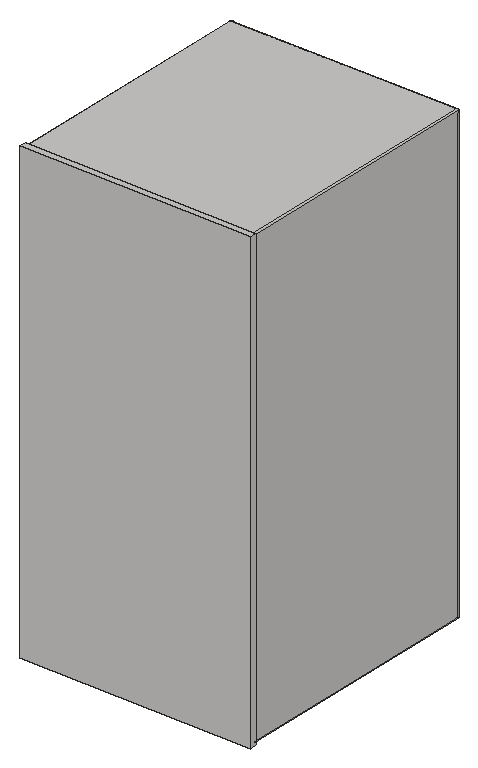
Revit family "HVAC_Other_Enertech_CTC_EL-42", category Specialty Equipment, Revit 2018
Family settings
  Round Connector Dimension = Use Diameter
  Part Type = Normal
  OmniClass Number = 23.75.00.00
  OmniClass Title = Climate Control (HVAC)
  Work Plane-Based = No
  Always vertical = No
  Cut with Voids When Loaded = No
  Shared = No
  Room Calculation Point = No
Parameters (values of type "CTC EL 42 400V3N")
  Weight = "33 kg"
  WaterVolumeWaterSuply = "N/A"
  WaterVolumeHeathingSystem = "10 liters"
  WarrantyStartDate [instance] = "n/a"
  WarrantyGuarantorParts = "n/a"
  WarrantyGuarantorLabor = "n/a"
  WarrantyDurationUnit = "Year"
  WarrantyDurationParts = "n/a"
  WarrantyDurationLabor = "n/a"
  WarrantyDescription = "n/a"
  VersionDate = "24/05/2022"  # constant formula
  Version = "1"  # constant formula
  UsageCurrent = 0 A
  Uniclass2015Reference = "Pr_40_70_65"
  Uniclass2015Description = "Preparation catering equipment"
  Uniclass2 = "Pr_40_70_65"
  URL = "https://ctc-heating.com/products/electric-heating"
  UNSPSCCode = "40102003"
  Type Comments = ""
  Touchscreen = "No"
  TagNumber [instance] = "n/a"
  SustainabilityPerformance = "n/a"
  Status = "n/a"
  SpecifiedOutput = "N/A"
  SoundPowerLWA = "35 dB(A)"
  Sound pressureLPA 5m = "N/A"
  Sound pressureLPA 1m = "N/A"
  Sound pressureLPA 10m = "N/A"
  Size = "402x354x712 mm"
  Shape = "Rectangular"
  SerialNumber [instance] = "7211 xxxx xxxx"
  SEERWarm = "N/A"
  SEERModerate = "N/A"
  SEERCold = "N/A"
  SCOPWarm = "N/A"
  SCOPModerate = "N/A"
  SCOPCold = "N/A"
  Revision = "n/a"  # constant formula
  ReplacementCost = "n/a"
  RefrigerantType = "N/A"
  RefrigerantQuantity = "N/A"
  ReferenceAirFlowRate = "N/A"
  Reference = "n/a"
  RatedVoltage = 1200 V
  RatedHeatOutputModerate = "N/A"
  RatedCurrent = 60.62 A
  PumpSecondaryMaterial = Brass
  PumpMainMaterial = Stainless Steel
  ProductInformation = "A compact and easy-to-install electric flow heater with seven power stages: from 6 kW to 42 kW. Often used as additional heat in heat pump systems"
  Product data url = ""
  PowerFactor = 0 W
  PhaseReference = "n/a"
  PhaseAngle = 0.00°
  OutputRangeIimmersionHeater = "6-42 kW"
  OutputRange = "N/A"
  NominalWidth = 353.5 mm
  NominalVoltage = 400 V
  NominalHeight = 711.75 mm
  NominalFrequencyRange = 50 Hz
  NominalDepth = 402.25 mm
  NominalCurrent = 0 A
  Name = "CTC_EL-42"  # constant formula
  NBSReference = "90-40-40/320"
  NBSDescription = "Air to water heat pumps"
  ModelReference = "n/a"
  ModelNumber = "589843001"
  MinimumCeilingHeight = "N/A"
  MaxStartingCurrent = "N/A"
  MaxOperatingPressureThermalStore = "7 bar"
  MaxOperatingPressureHotWater = "N/A"
  MaxAirFlowRate = "N/A"
  Material = "Steel"
  ManufacturerURL = "https://ctc.se/"
  ManufacturerName = "Enertech AB"
  Model = "CTC EL 42"
  ManufacturerCountry = "Sweden"
  Manufacturer = "Enertech AB"
  InsulationStandardClass = "n/a"
  InstallationDate [instance] = "n/a"
  InPutPower = "N/A"
  IfcExportType = "HEATER"  # constant formula
  IfcExportAs = "IfcElectricalDeviceCommon"  # constant formula
  IP_Code = "IP21"
  HotTapWaterPerformance = "N/A"
  HasProtectiveEarth = yes
  GroupFuse = "63 A"
  Grade = "n/a"
  Finish = "n/a"
  Features = "n/a"
  ExpectedLife = "n/a"
  EnergyClass_HotWater_TapProfile = "A/XL"
  EnergyClass_HotWater = "N/A"
  EnergyClassHeatingWithControl = "N/A"
  ElectricalDeviceNominalPower = 42000 W
  EANNumber = "7333077098360"
  DurationUnit = "Year"
  Description = "A compact and easy-to-install electric flow heater with seven power stages: from 6 kW to 42 kW. Often used as additional heat in heat pump systems"
  Cost = 0
  Constituents = "n/a"
  ConductorFunction = "n/a"
  Color = "white"
  CodePerformance = "n/a"
  Capacity = "N/A"
  COP = "N/A"
  CO2Equivalent = "N/A"
  BrineSystem_Min_MaxPressure = "N/A"
  Barcode [instance] = "n/a"
  AssetIdentifier [instance] = "n/a"
  Category = "electrical heating"
  Brand = "CTC"
  BIMObjectName = "HVAC_Other_Enertech_CTC_EL-42"  # constant formula
  Author = "BIMStone"  # constant formula
  AssetType = "Fixed"
  Artikel nr. = ""
  AirFlow = "N/A"
  Accessories = ""
  AccessibilityPerformance = "n/a"
Reference planes
  plane 1 "Center (Front/Back)": y = 0
  plane 2: z = 0
  plane 3 "Center (Left/Right)": x = 0
  plane 4: z = 711.75
  plane 5: y = 201.125
  plane 6: y = -201.125
  plane 7: x = -176.75
  plane 8: x = 176.75
Dimensions and locks
  "NominalHeight": plane 4 to level
  equal spacing: plane 5, plane 1 "Center (Front/Back)", plane 6
  "NominalDepth": plane 5 to plane 6
  equal spacing: plane 7, plane 3 "Center (Left/Right)", plane 8
  "NominalWidth": plane 7 to plane 8
  aligned and locked: level to plane 2
Nested families
  nested 1: "EL-42" at (0, 0, 0), Body <- "PumpMainMaterial", Connections <- "PumpSecondaryMaterial", Detail <- "PumpMainMaterial", type "EL-42"
    with Detail Stainless Steel, Connections Brass, Body Stainless Steel
Connectors
  electrical at (0, 0.825, 4.75), driven by "NominalVoltage"
    settings: on nested 1, index 1, voltage 400 V, apparent load 0 VA, apparent load phase1 0 VA, apparent load phase2 0 VA, apparent load phase3 0 VA, power factor 1, load classification "Other", number of poles 1, system type 31, power factor state 1, is connector primary yes, connector utility no, sub classification motor no, connector description ""
Definition of nested family "EL-42"
  Parameters (values of type "EL-42")
    Detail [instance] = none
    Connections [instance] = none
    Body [instance] = none
  Reference planes
    plane 1 "Center (Front/Back)": y = 0
    plane 2: z = 0
    plane 3 "Center (Left/Right)": x = 0
    plane 4: y = -201.125
    plane 5: z = 711.75
    plane 6: x = -176.75
    plane 7: y = 201.125
    plane 8: x = 176.75
  Forms (mm)
    Extrusion 1, solid, material <- "Body", detail levels medium+fine
      sketch origin (0, 0, 0) x (1, 0, 0) y (0, 1, 0)
        loop
          line (-175, 201.125) -> (-175, -198.87) -> (175, -198.87) -> (175, 201.125) -> (-175, 201.125)
      from 10 to 710
    Extrusion 2, solid, material <- "Body", detail levels medium+fine
      sketch origin (0, 0, 0) x (1, 0, 0) y (0, 0, 1)
        loop
          line (176.75, 711.75) -> (-176.75, 711.75) -> (-176.75, 8.25) -> (176.75, 8.25) -> (176.75, 711.75)
      from 191.125 to 201.125
    Extrusion 3, solid, material <- "Body", detail levels coarse
      sketch origin (0, 0, 0) x (1, 0, 0) y (0, 1, 0)
        loop
          line (-176.75, 201.125) -> (-176.75, -201.125) -> (176.75, -201.125) -> (176.75, 201.125) -> (-176.75, 201.125)
      from 0 to 711.75
    Extrusion 4, solid, material <- "Connections", detail levels medium+fine
      sketch origin (-0.988, 78.625, 653.75) x (1, 0, 0) y (0, 0, 1)
        loop
          line (-16.332, -474.75) -> (18.309, -474.75) -> (35.629, -444.75) -> (18.309, -414.75) -> (-16.332, -414.75) -> (-33.653, -444.75) -> (-16.332, -474.75)
        loop
          circle (0.988, -444.75) r 22
        loop
          line (-16.332, -124.75) -> (18.309, -124.75) -> (35.629, -94.75) -> (18.309, -64.75) -> (-16.332, -64.75) -> (-33.653, -94.75) -> (-16.332, -124.75)
        loop
          circle (0.988, -94.75) r 22
      from -122.5 to -130
    Revolve 5, solid, material <- "Connections", detail levels medium+fine
      sketch origin (0, 202.076, 85) x (1, 0, 0) y (0, 1, 0)
        loop
          line (77, 34.649) -> (77, 16.049) -> (78.9, 16.049) -> (78.9, 6.049) -> (77, 6.049) -> (77, -0.951) -> (90.664, -0.951) -> (90.664, 41.049) -> (83.4, 41.049)
          arc (83.4, 41.049) -> (78.875, 39.174) -> (77, 34.649) r 6.4
        axis (100, -0.951) -> (100, 41.049)
      angle from 0 to 360
    Revolve 6, solid, material <- "Connections", detail levels medium+fine
      sketch origin (100, 205.875, 155.115) x (0, 0, -1) y (0, 1, 0)
        loop
          line (6.615, 7.85) -> (8.061, 7.85) -> (8.061, 0.838) -> (6.615, 0.838) -> (6.615, -4.75) -> (13.349, -4.75) -> (13.349, 23.25) -> (10.987, 23.25)
          arc (10.987, 23.25) -> (7.895, 21.97) -> (6.615, 18.878) r 4.372
          line (6.615, 18.878) -> (6.615, 7.85)
        axis (20.115, -4.75) -> (20.115, 23.25)
      angle from 0 to 360
    Revolve 7, solid, material <- "Connections", detail levels medium+fine
      sketch origin (0, 78.625, 653.75) x (0, -1, 0) y (0, 0, 1)
        loop
          line (-122.5, -464.398) -> (-164.5, -464.398) -> (-164.5, -467.853) -> (-163.5, -468.853) -> (-122.5, -468.853) -> (-122.5, -464.398)
        axis (-122.5, -444.75) -> (-164.5, -444.75)
      angle from 0 to 360
    Revolve 8, solid, material <- "Connections", detail levels medium+fine
      sketch origin (0, 78.625, 1003.75) x (0, -1, 0) y (0, 0, 1)
        loop
          line (-122.5, -464.398) -> (-164.5, -464.398) -> (-164.5, -467.853) -> (-163.5, -468.853) -> (-122.5, -468.853) -> (-122.5, -464.398)
        axis (-122.5, -444.75) -> (-164.5, -444.75)
      angle from 0 to 360
    Revolve 9, solid, material <- "Detail", detail levels medium+fine
      sketch origin (-140, 0, 0) x (0, 1, 0) y (0, 0, 1)
        loop
          line (171.123, 10) -> (171.123, 0) -> (181.747, 0)
          arc (181.747, 0) -> (184.795, 1.719) -> (186.013, 5) r 5.092
          arc (186.013, 5) -> (187.493, 8.537) -> (191.037, 10) r 5.024
          line (191.037, 10) -> (171.123, 10)
        axis (171.123, 10) -> (171.123, 0)
      angle from 0 to 360
    Revolve 10, solid, material <- "Detail", detail levels medium+fine
      sketch origin (140, 0, 0) x (0, 1, 0) y (0, 0, -1)
        loop
          line (171.123, -10) -> (191.037, -10)
          arc (191.037, -10) -> (187.493, -8.537) -> (186.013, -5) r 5.024
          arc (186.013, -5) -> (184.795, -1.719) -> (181.747, 0) r 5.092
          line (181.747, 0) -> (171.123, 0) -> (171.123, -10)
        axis (171.123, -10) -> (171.123, 0)
      angle from 0 to 360
    Revolve 11, solid, material <- "Detail", detail levels medium+fine
      sketch origin (-140, 2.245, 0) x (0, -1, 0) y (0, 0, -1)
        loop
          line (171.123, -10) -> (191.037, -10)
          arc (191.037, -10) -> (187.493, -8.537) -> (186.013, -5) r 5.024
          arc (186.013, -5) -> (184.795, -1.719) -> (181.747, 0) r 5.092
          line (181.747, 0) -> (171.123, 0) -> (171.123, -10)
        axis (171.123, -10) -> (171.123, 0)
      angle from 0 to 360
    Revolve 12, solid, material <- "Detail", detail levels medium+fine
      sketch origin (140, 2.245, 0) x (0, -1, 0) y (0, 0, 1)
        loop
          line (171.123, 10) -> (171.123, 0) -> (181.747, 0)
          arc (181.747, 0) -> (184.795, 1.719) -> (186.013, 5) r 5.092
          arc (186.013, 5) -> (187.493, 8.537) -> (191.037, 10) r 5.024
          line (191.037, 10) -> (171.123, 10)
        axis (171.123, 10) -> (171.123, 0)
      angle from 0 to 360
    Sweep 13, void
      path in 3D
        loop
          line (175, -198.87, 710) -> (175, 201.125, 710) -> (-175, 201.125, 710) -> (-175, -198.87, 710)
      profile origin (0, 201.125, 710) x (0, -1, 0) y (0, 0, 1)
        loop
          line (0, 0) -> (0, -2)
          arc (0, -2) -> (0.586, -0.586) -> (2, 0) r 2
          line (2, 0) -> (0, 0)
        loop
          line (0, -700) -> (2, -700)
          arc (2, -700) -> (0.586, -699.414) -> (0, -698) r 2
          line (0, -698) -> (0, -700)
    Sweep 14, void
      path in 3D
        loop
          line (175, 201.125, 710) -> (175, 201.125, 10)
      profile origin (175, 201.125, 360) x (1, 0, 0) y (0, 1, 0)
        loop
          line (0, 0) -> (-2, 0)
          arc (-2, 0) -> (-0.586, -0.586) -> (0, -2) r 2
          line (0, -2) -> (0, 0)
        loop
          line (-350, 0) -> (-350, -2)
          arc (-350, -2) -> (-349.414, -0.586) -> (-348, 0) r 2
          line (-348, 0) -> (-350, 0)
  Cuts and joins
    Sweep 13, Sweep 14 cuts Extrusion 1
  Lines and regions (mm)
    symbolic lines, detail levels medium+fine
      curve 1: line (-176.75, -191.125, 0) -> (-175, -191.125, 0)
      curve 2: line (-176.75, -201.125, 0) -> (-176.75, -191.125, 0)
      curve 3: line (176.75, -201.125, 0) -> (-176.75, -201.125, 0)
      curve 4: line (176.75, -191.125, 0) -> (176.75, -201.125, 0)
      curve 5: line (-172.5, 201.125, 0) -> (-34.641, 201.125, 0)
      curve 6: line (175, 198.625, 0) -> (175, -191.125, 0)
      curve 8: line (175, -191.125, 0) -> (176.75, -191.125, 0)
      curve 9: line (-175, -191.125, 0) -> (-175, 198.625, 0)
      curve 10: arc (0, 229.125, 144.128) -> (0, 227.845, 147.22) -> (0, 224.753, 148.5) r 4.372
      curve 11: line (0, 224.753, 148.5) -> (0, 213.725, 148.5)
      curve 12: line (0, 213.725, 148.5) -> (0, 213.725, 147.054)
      curve 13: line (0, 213.725, 147.054) -> (0, 206.713, 147.054)
      curve 14: line (0, 206.713, 147.054) -> (0, 206.713, 148.5)
      curve 15: line (0, 206.713, 148.5) -> (0, 201.125, 148.5)
      curve 17: line (0, 229.125, 135) -> (0, 229.125, 144.128)
      curve 18: arc (0, 229.125, 125.872) -> (0, 227.845, 122.78) -> (0, 224.753, 121.5) r 4.372
      curve 19: line (0, 224.753, 121.5) -> (0, 213.725, 121.5)
      curve 20: line (0, 213.725, 121.5) -> (0, 213.725, 122.946)
      curve 21: line (0, 213.725, 122.946) -> (0, 206.713, 122.946)
      curve 22: line (0, 206.713, 122.946) -> (0, 206.713, 121.5)
      curve 23: line (0, 206.713, 121.5) -> (0, 201.125, 121.5)
      curve 25: line (0, 229.125, 135) -> (0, 229.125, 125.872)
      curve 26: line (0, 218.125, 62) -> (0, 236.725, 62)
      curve 27: arc (0, 236.725, 62) -> (0, 241.25, 63.875) -> (0, 243.125, 68.4) r 6.4
      curve 28: line (0, 243.125, 68.4) -> (0, 243.125, 85)
      curve 30: line (0, 201.125, 62) -> (0, 208.125, 62)
      curve 31: line (0, 208.125, 62) -> (0, 208.125, 63.9)
      curve 32: line (0, 208.125, 63.9) -> (0, 218.125, 63.9)
      curve 33: line (0, 218.125, 63.9) -> (0, 218.125, 62)
      curve 34: line (0, 218.125, 108) -> (0, 236.725, 108)
      curve 35: arc (0, 236.725, 108) -> (0, 241.25, 106.125) -> (0, 243.125, 101.6) r 6.4
      curve 36: line (0, 243.125, 101.6) -> (0, 243.125, 85)
      curve 38: line (0, 201.125, 108) -> (0, 208.125, 108)
      curve 39: line (0, 208.125, 108) -> (0, 208.125, 106.1)
      curve 40: line (0, 208.125, 106.1) -> (0, 218.125, 106.1)
      curve 41: line (0, 218.125, 106.1) -> (0, 218.125, 108)
      curve 46: line (0, 242.125, 184.897) -> (0, 208.625, 184.897)
      curve 47: line (0, 243.125, 209) -> (0, 243.125, 185.897)
      curve 48: line (0, 243.125, 185.897) -> (0, 242.125, 184.897)
      curve 49: line (0, 242.125, 233.103) -> (0, 208.625, 233.103)
      curve 50: line (0, 243.125, 209) -> (0, 243.125, 232.103)
      curve 51: line (0, 243.125, 232.103) -> (0, 242.125, 233.103)
      curve 52: line (0, 208.625, 239) -> (0, 201.125, 239)
      curve 53: line (0, 208.625, 179) -> (0, 208.625, 184.897)
      curve 54: line (0, 201.125, 179) -> (0, 208.625, 179)
      curve 56: line (0, 242.125, 534.897) -> (0, 208.625, 534.897)
      curve 57: line (0, 243.125, 559) -> (0, 243.125, 535.897)
      curve 58: line (0, 243.125, 535.897) -> (0, 242.125, 534.897)
      curve 59: line (0, 242.125, 583.103) -> (0, 208.625, 583.103)
      curve 60: line (0, 243.125, 559) -> (0, 243.125, 582.103)
      curve 61: line (0, 243.125, 582.103) -> (0, 242.125, 583.103)
      curve 62: line (0, 208.625, 589) -> (0, 201.125, 589)
      curve 63: line (0, 208.625, 529) -> (0, 208.625, 534.897)
      curve 64: line (0, 201.125, 529) -> (0, 208.625, 529)
      curve 66: line (0, 201.125, 12.5) -> (0, 201.125, 62)
      curve 67: line (0, 201.125, 108) -> (0, 201.125, 121.5)
      curve 68: line (0, 201.125, 148.5) -> (0, 201.125, 179)
      curve 69: line (0, 201.125, 239) -> (0, 201.125, 529)
      curve 70: line (0, 201.125, 589) -> (0, 201.125, 707.5)
      curve 71: line (0, 198.625, 710) -> (0, -191.127, 710)
      curve 72: arc (0, 198.625, 710) -> (0, 200.393, 709.268) -> (0, 201.125, 707.5) r 2.5
      curve 73: line (0, -191.127, 711.75) -> (0, -201.125, 711.75)
      curve 74: line (0, -191.127, 8.25) -> (0, -191.127, 10)
      curve 75: line (0, -201.125, 8.25) -> (0, -191.127, 8.25)
      curve 76: line (0, -201.125, 711.75) -> (0, -201.125, 8.25)
      curve 77: line (0, -191.127, 710) -> (0, -191.127, 711.75)
      curve 78: arc (0, 181.747, 0) -> (0, 184.795, 1.719) -> (0, 186.013, 5) r 5.092
      curve 79: arc (0, 186.013, 5) -> (0, 187.493, 8.537) -> (0, 191.037, 10) r 5.024
      curve 80: line (0, 171.123, 0) -> (0, 181.747, 0)
      curve 81: arc (0, -158.253, 0) -> (0, -155.205, 1.719) -> (0, -153.987, 5) r 5.092
      curve 82: arc (0, -153.987, 5) -> (0, -152.507, 8.537) -> (0, -148.963, 10) r 5.024
      curve 83: line (0, -168.877, 0) -> (0, -158.253, 0)
      curve 84: arc (0, -179.501, 0) -> (0, -182.55, 1.719) -> (0, -183.768, 5) r 5.092
      curve 85: arc (0, -183.768, 5) -> (0, -185.248, 8.537) -> (0, -188.792, 10) r 5.024
      curve 86: line (0, -168.877, 0) -> (0, -179.501, 0)
      curve 87: arc (0, 160.499, 0) -> (0, 157.451, 1.719) -> (0, 156.232, 5) r 5.092
      curve 88: arc (0, 156.232, 5) -> (0, 154.752, 8.537) -> (0, 151.208, 10) r 5.024
      curve 89: line (0, 171.123, 0) -> (0, 160.499, 0)
      curve 90: line (0, 191.037, 10) -> (0, 198.625, 10)
      curve 92: line (0, 151.208, 10) -> (0, -148.963, 10)
      curve 94: line (0, -188.792, 10) -> (0, -191.127, 10)
      curve 96: line (0, 208.625, 233.103) -> (0, 208.625, 239)
      curve 99: line (0, 208.625, 583.103) -> (0, 208.625, 589)
      curve 100: line (-176.75, 0, 711.75) -> (176.75, 0, 711.75)
      curve 101: line (-176.75, 0, 8.25) -> (-176.75, 0, 711.75)
      curve 102: line (176.75, 0, 8.25) -> (156.104, 0, 8.25)
      curve 103: line (176.75, 0, 711.75) -> (176.75, 0, 8.25)
      curve 104: arc (-150.624, 0, 0) -> (-153.672, 0, 1.719) -> (-154.891, 0, 5) r 5.092
      curve 105: arc (-154.891, 0, 5) -> (-155.208, 0, 6.733) -> (-156.104, 0, 8.25) r 5.024
      curve 106: line (-140, 0, 0) -> (-150.624, 0, 0)
      curve 107: arc (-129.376, 0, 0) -> (-126.328, 0, 1.719) -> (-125.109, 0, 5) r 5.092
      curve 108: arc (-125.109, 0, 5) -> (-124.792, 0, 6.733) -> (-123.896, 0, 8.25) r 5.024
      curve 109: line (-140, 0, 0) -> (-129.376, 0, 0)
      curve 110: arc (150.624, 0, 0) -> (153.672, 0, 1.719) -> (154.891, 0, 5) r 5.092
      curve 111: arc (154.891, 0, 5) -> (155.208, 0, 6.733) -> (156.104, 0, 8.25) r 5.024
      curve 112: line (140, 0, 0) -> (150.624, 0, 0)
      curve 113: arc (129.376, 0, 0) -> (126.328, 0, 1.719) -> (125.109, 0, 5) r 5.092
      curve 114: arc (125.109, 0, 5) -> (124.792, 0, 6.733) -> (123.896, 0, 8.25) r 5.024
      curve 115: line (140, 0, 0) -> (129.376, 0, 0)
      curve 117: line (-156.104, 0, 8.25) -> (-176.75, 0, 8.25)
      curve 118: line (123.896, 0, 8.25) -> (-123.896, 0, 8.25)
      curve 120: line (24.103, 208.625, 0) -> (24.103, 242.125, 0)
      curve 121: line (0, 243.125, 0) -> (23.103, 243.125, 0)
      curve 122: line (24.103, 242.125, 0) -> (23.103, 243.125, 0)
      curve 123: line (-34.641, 208.625, 0) -> (-24.103, 208.625, 0)
      curve 124: line (-34.641, 201.125, 0) -> (-34.641, 208.625, 0)
      curve 125: line (34.641, 208.625, 0) -> (34.641, 201.125, 0)
      curve 126: arc (83.4, 243.125, 0) -> (78.875, 241.25, 0) -> (77, 236.725, 0) r 6.4
      curve 127: line (77, 236.725, 0) -> (77, 218.125, 0)
      curve 128: line (77, 218.125, 0) -> (78.9, 218.125, 0)
      curve 129: line (78.9, 218.125, 0) -> (78.9, 208.125, 0)
      curve 130: line (78.9, 208.125, 0) -> (77, 208.125, 0)
      curve 131: line (77, 208.125, 0) -> (77, 201.125, 0)
      curve 138: line (83.4, 243.125, 0) -> (116.6, 243.125, 0)
      curve 139: arc (116.6, 243.125, 0) -> (121.125, 241.25, 0) -> (123, 236.725, 0) r 6.4
      curve 140: line (123, 236.725, 0) -> (123, 218.125, 0)
      curve 141: line (123, 218.125, 0) -> (121.1, 218.125, 0)
      curve 142: line (121.1, 218.125, 0) -> (121.1, 208.125, 0)
      curve 143: line (121.1, 208.125, 0) -> (123, 208.125, 0)
      curve 144: line (123, 208.125, 0) -> (123, 201.125, 0)
      curve 159: line (123, 201.125, 0) -> (172.5, 201.125, 0)
      curve 160: line (-24.103, 208.625, 0) -> (-24.103, 242.125, 0)
      curve 161: line (0, 243.125, 0) -> (-23.103, 243.125, 0)
      curve 162: line (-24.103, 242.125, 0) -> (-23.103, 243.125, 0)
      curve 164: line (24.103, 208.625, 0) -> (34.641, 208.625, 0)
      curve 166: line (34.641, 201.125, 0) -> (77, 201.125, 0)
      curve 167: arc (-172.5, 201.125, 0) -> (-174.268, 200.393, 0) -> (-175, 198.625, 0) r 2.5
      curve 168: arc (172.5, 201.125, 0) -> (174.268, 200.393, 0) -> (175, 198.625, 0) r 2.5
      curve 169: arc (0, 201.125, 12.5) -> (0, 200.393, 10.732) -> (0, 198.625, 10) r 2.5
    symbolic lines, detail levels fine
      curve 7: line (-175, -191.125, 0) -> (175, -191.125, 0)
      curve 16: line (0, 201.125, 148.5) -> (0, 201.125, 135)
      curve 24: line (0, 201.125, 121.5) -> (0, 201.125, 135)
      curve 29: line (0, 201.125, 85) -> (0, 201.125, 62)
      curve 37: line (0, 201.125, 85) -> (0, 201.125, 108)
      curve 42: line (0, 218.125, 106.1) -> (0, 218.125, 63.9)
      curve 43: line (0, 208.125, 63.9) -> (0, 208.125, 106.1)
      curve 44: line (0, 206.713, 122.946) -> (0, 206.713, 147.054)
      curve 45: line (0, 213.725, 147.054) -> (0, 213.725, 122.946)
      curve 55: line (0, 201.125, 239) -> (0, 201.125, 179)
      curve 65: line (0, 201.125, 589) -> (0, 201.125, 529)
      curve 91: line (0, 191.037, 10) -> (0, 151.208, 10)
      curve 93: line (0, -188.792, 10) -> (0, -148.963, 10)
      curve 95: line (0, -191.127, 10) -> (0, -191.127, 710)
      curve 97: line (0, 208.625, 184.897) -> (0, 208.625, 233.103)
      curve 98: line (0, 208.625, 534.897) -> (0, 208.625, 583.103)
      curve 116: line (-123.896, 0, 8.25) -> (-156.104, 0, 8.25)
      curve 119: line (156.104, 0, 8.25) -> (123.896, 0, 8.25)
      curve 132: arc (86.5, 224.753, 0) -> (87.78, 227.845, 0) -> (90.872, 229.125, 0) r 4.372
      curve 133: line (86.5, 201.125, 0) -> (86.5, 206.713, 0)
      curve 134: line (86.5, 206.713, 0) -> (87.946, 206.713, 0)
      curve 135: line (87.946, 206.713, 0) -> (87.946, 213.725, 0)
      curve 136: line (87.946, 213.725, 0) -> (86.5, 213.725, 0)
      curve 137: line (86.5, 213.725, 0) -> (86.5, 224.753, 0)
      curve 145: arc (113.5, 224.753, 0) -> (112.22, 227.845, 0) -> (109.128, 229.125, 0) r 4.372
      curve 146: line (109.128, 229.125, 0) -> (90.872, 229.125, 0)
      curve 147: line (113.5, 201.125, 0) -> (113.5, 206.713, 0)
      curve 148: line (113.5, 206.713, 0) -> (112.054, 206.713, 0)
      curve 149: line (112.054, 206.713, 0) -> (112.054, 213.725, 0)
      curve 150: line (112.054, 213.725, 0) -> (113.5, 213.725, 0)
      curve 151: line (113.5, 213.725, 0) -> (113.5, 224.753, 0)
      curve 152: line (78.9, 218.125, 0) -> (86.5, 218.125, 0)
      curve 153: line (78.9, 208.125, 0) -> (87.946, 208.125, 0)
      curve 154: line (121.1, 208.125, 0) -> (112.054, 208.125, 0)
      curve 155: line (121.1, 218.125, 0) -> (113.5, 218.125, 0)
      curve 156: line (87.946, 213.725, 0) -> (112.054, 213.725, 0)
      curve 157: line (112.054, 206.713, 0) -> (87.946, 206.713, 0)
      curve 158: line (77, 201.125, 0) -> (123, 201.125, 0)
      curve 163: line (-24.103, 208.625, 0) -> (24.103, 208.625, 0)
      curve 165: line (-34.641, 201.125, 0) -> (34.641, 201.125, 0)
    sketch lines
      curve 170: line (175, 201.125, 710) -> (-175, 201.125, 710)
      curve 171: line (175, -198.87, 710) -> (175, 201.125, 710)
      curve 172: line (-175, 201.125, 710) -> (-175, -198.87, 710)
      curve 173: line (175, 201.125, 710) -> (175, 201.125, 10)
  Dimensions and locks
    aligned and locked: level to plane 2
